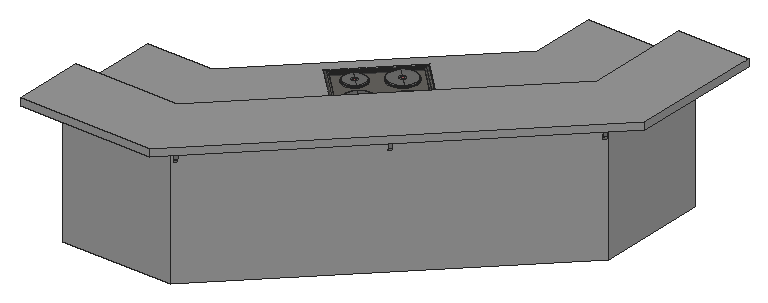
Revit family "Kitchen Island with Range", category Generic Models, Revit 2013
Parameters
  Wall Material = Gypsum Wall Board
  Countertop Material [instance] = Travertine
  Brace Material = Wood
Reference planes
  plane 1 "Center (Front/Back)": y = 0
  plane 2: z = 0
  plane 3 "Center (Left/Right)": x = 0
Forms (mm)
  Extrusion 1, solid, material "Travertine" <- "Countertop Material"
    sketch origin (0, 0, 0) x (1, 0, 0) y (0, 1, 0)
      loop
        line (1261.022, 1743.622) -> (1261.022, 1296.943) -> (-10.521, 25.4) -> (-457.2, 25.4) -> (-457.2, -609.6) -> (252.505, -609.6) -> (1896.022, 1033.917) -> (1896.022, 1743.622) -> (1261.022, 1743.622)
      loop
        line (468.503, 397.19) -> (822.056, 43.637) -> (1242.785, 464.365) -> (889.232, 817.919) -> (468.503, 397.19)
    from 914.4 to 876.3
  Extrusion 2, solid
    sketch origin (0, 0, 0) x (1, 0, 0) y (0, 1, 0)
      loop
        line (1896.022, 1033.917) -> (1896.022, 1743.622) -> (1876.972, 1743.622) -> (1876.972, 1041.808) -> (244.614, -590.55) -> (-457.2, -590.55) -> (-457.2, -609.6) -> (252.505, -609.6) -> (1896.022, 1033.917)
    from 914.4 to 1016
  Extrusion 3, solid, material "Gypsum Wall Board" <- "Wall Material"
    sketch origin (0, 0, 0) x (1, 0, 0) y (0, 1, 0)
      loop
        line (1896.022, 1033.917) -> (252.505, -609.6) -> (-457.2, -609.6) -> (-457.2, -723.9) -> (299.849, -723.9) -> (2010.322, 986.572) -> (2010.322, 1743.622) -> (1896.022, 1743.622) -> (1896.022, 1033.917)
    from 0 to 1016
  Extrusion 4, solid, material "Travertine" <- "Countertop Material"
    sketch origin (0, 0, 0) x (1, 0, 0) y (0, 1, 0)
      loop
        line (1896.022, 1743.622) -> (1896.022, 1033.917) -> (252.505, -609.6) -> (-457.2, -609.6) -> (-457.2, -1098.55) -> (455.034, -1098.55) -> (2384.972, 831.387) -> (2384.972, 1743.622) -> (1896.022, 1743.622)
    from 1016 to 1066.8
  Extrusion 5, solid, material "Wood" <- "Brace Material"
    sketch origin (-457.2, -609.6, 0) x (0, -1, 0) y (0, 0, 1)
      loop
        line (298.45, 1016) -> (114.3, 831.85) -> (114.3, 768.35)
        arc (114.3, 768.35) -> (127.77, 773.93) -> (133.35, 787.4) r 19.05
        line (133.35, 787.4) -> (133.35, 800.1) -> (146.05, 800.1)
        arc (146.05, 800.1) -> (220.427, 906.197) -> (323.85, 984.25) r 415.812
        line (323.85, 984.25) -> (323.85, 996.95) -> (342.9, 996.95)
        arc (342.9, 996.95) -> (356.37, 1002.53) -> (361.95, 1016) r 19.05
        line (361.95, 1016) -> (298.45, 1016)
    from -19.05 to 0
  Extrusion 6, solid, material "Wood" <- "Brace Material"
    sketch origin (242.467, -619.638, 0) x (0.707107, -0.707107, 0) y (0, 0, -1)
      loop
        line (298.45, -1016) -> (361.95, -1016)
        arc (361.95, -1016) -> (356.37, -1002.53) -> (342.9, -996.95) r 19.05
        line (342.9, -996.95) -> (323.85, -996.95) -> (323.85, -984.25)
        arc (323.85, -984.25) -> (220.427, -906.197) -> (146.05, -800.1) r 415.812
        line (146.05, -800.1) -> (133.35, -800.1) -> (133.35, -787.4)
        arc (133.35, -787.4) -> (127.77, -773.93) -> (114.3, -768.35) r 19.05
        line (114.3, -768.35) -> (114.3, -831.85) -> (298.45, -1016)
    from -19.05 to 0
  Extrusion 7, solid, material "Wood" <- "Brace Material"
    sketch origin (1080.998, 218.894, 0) x (0.707107, -0.707107, 0) y (0, 0, -1)
      loop
        line (298.45, -1016) -> (361.95, -1016)
        arc (361.95, -1016) -> (356.37, -1002.53) -> (342.9, -996.95) r 19.05
        line (342.9, -996.95) -> (323.85, -996.95) -> (323.85, -984.25)
        arc (323.85, -984.25) -> (220.427, -906.197) -> (146.05, -800.1) r 415.812
        line (146.05, -800.1) -> (133.35, -800.1) -> (133.35, -787.4)
        arc (133.35, -787.4) -> (127.77, -773.93) -> (114.3, -768.35) r 19.05
        line (114.3, -768.35) -> (114.3, -831.85) -> (298.45, -1016)
    from -19.05 to 0
  Extrusion 8, solid, material "Wood" <- "Brace Material"
    sketch origin (1896.022, 1743.622, 0) x (1, 0, 0) y (0, 0, -1)
      loop
        line (298.45, -1016) -> (361.95, -1016)
        arc (361.95, -1016) -> (356.37, -1002.53) -> (342.9, -996.95) r 19.05
        line (342.9, -996.95) -> (323.85, -996.95) -> (323.85, -984.25)
        arc (323.85, -984.25) -> (220.427, -906.197) -> (146.05, -800.1) r 415.812
        line (146.05, -800.1) -> (133.35, -800.1) -> (133.35, -787.4)
        arc (133.35, -787.4) -> (127.77, -773.93) -> (114.3, -768.35) r 19.05
        line (114.3, -768.35) -> (114.3, -831.85) -> (298.45, -1016)
    from -19.05 to 0
  Extrusion 9, solid, material "Wood" <- "Brace Material"
    sketch origin (1906.059, 1043.955, 0) x (0.707107, -0.707107, 0) y (0, 0, 1)
      loop
        line (298.45, 1016) -> (114.3, 831.85) -> (114.3, 768.35)
        arc (114.3, 768.35) -> (127.77, 773.93) -> (133.35, 787.4) r 19.05
        line (133.35, 787.4) -> (133.35, 800.1) -> (146.05, 800.1)
        arc (146.05, 800.1) -> (220.427, 906.197) -> (323.85, 984.25) r 415.812
        line (323.85, 984.25) -> (323.85, 996.95) -> (342.9, 996.95)
        arc (342.9, 996.95) -> (356.37, 1002.53) -> (361.95, 1016) r 19.05
        line (361.95, 1016) -> (298.45, 1016)
    from -19.05 to 0
Dimensions and locks
  aligned and locked: plane 2 to level
  aligned and locked: nested 1 to Extrusion 1
Nested families
  nested 1: "Base Cabinet-Single Door & Drawer - Extended Kickplate" at (1896.022, 1533.759, 0) x (0, -1, 0) z (0, 0, 1), type "18""
  nested 2: "Base Cabinet-Single Door & Drawer - Extended Kickplate" at (-247.338, -609.6, 0), type "18""
  nested 3: "Base Cabinet-Single Door & Drawer - Extended Left Kickplate" at (1515.197, 653.093, 0) x (-0.7071, -0.7071, 0) z (0, 0, 1), type "24""
  nested 4: "Base Cabinet-Single Door & Drawer - Extended Left Kickplate" at (633.329, -228.776, 0) x (0.7071, 0.7071, 0) z (0, 0, 1), type "24""
  nested 5: "Defy_600_Hob_and_under_counter_oven_4656" at (1074.042, 238.878, 0) x (-0.7071, -0.7071, 0) z (0, 0, 1), type "Defy 600 S"
    with Top Height 2' - 11.43307"
Definition of nested family "Base Cabinet-Single Door & Drawer - Extended Kickplate"
  Parameters (values of type "18"")
    Assembly Code = "C1030410"
    Cabinet Material = none
    Depth = 2' - 0"
    Drawer Material = none
    Handle Material = Cabinets - Handles
    Height = 2' - 10 1/2"
    Toe Depth = 0' - 3"
    Toe Height = 0' - 3 1/2"
    Width = 1' - 6"
  Types (5): name | Width
    24" | 2' - 0"
    18" | 1' - 6"
    12" | 1' - 0"
    15"' | 1' - 3"
    21" | 1' - 9"
  Reference planes
    plane 1 "Back": y = 0
    plane 2: z = 0
    plane 3 "Center": x = 18.738
    plane 4 "Left": x = -209.862
    plane 5 "Right": x = 247.338
    plane 6 "Front": y = -609.6
    plane 7 "Top": z = 876.3
    plane 8: y = -533.4
    plane 9: z = 88.9
    plane 10: z = 857.25
    plane 11: z = 107.95
    plane 12: x = -190.812
    plane 13: x = 228.288
    plane 14: z = 698.5
    plane 15: z = 596.9
    plane 16: x = 202.888
    plane 17: x = 190.188
    plane 18: z = 755.65
    plane 19: z = 736.6
  Forms (mm)
    Extrusion 1, solid, material <- "Cabinet Material"
      sketch origin (0, 0, 0) x (1, 0, 0) y (0, 1, 0)
        loop
          line (-209.862, 0) -> (-209.862, -533.4) -> (348.938, -533.4) -> (348.938, -508) -> (247.338, -508) -> (247.338, 0) -> (-209.862, 0)
      from 0 to 88.9
    Sweep 2, solid, material <- "Cabinet Material"
      path origin (0, 0, 0) x (1, 0, 0) y (0, 1, 0)
        loop
          line (247.338, 0) -> (-209.862, 0) -> (-209.862, -609.6) -> (247.338, -609.6) -> (247.338, 0)
      profile origin (0, -304.8, 0) x (1, 0, 0) y (0, 0, 1)
        loop
          line (247.338, 88.9) -> (247.338, 876.3) -> (228.288, 876.3) -> (228.288, 88.9) -> (247.338, 88.9)
    Extrusion 3, solid, material "Cabinets"
      sketch origin (0, 0, 0) x (1, 0, 0) y (0, 1, 0)
        loop
          line (-190.812, -19.05) -> (-190.812, -590.55) -> (228.288, -590.55) -> (228.288, -19.05) -> (-190.812, -19.05)
      from 107.95 to 88.9
    Extrusion 4, solid, material <- "Drawer Material"
      sketch origin (0, -609.6, 0) x (1, 0, 0) y (0, 0, 1)
        loop
          line (-190.812, 736.6) -> (-190.812, 107.95) -> (228.288, 107.95) -> (228.288, 736.6) -> (-190.812, 736.6)
        loop
          line (-190.812, 857.25) -> (-190.812, 755.65) -> (228.288, 755.65) -> (228.288, 857.25) -> (-190.812, 857.25)
      from 0 to 12.7
    Extrusion 5, solid, material "Cabinets - Handles" <- "Handle Material"
      sketch origin (0, -609.6, 0) x (1, 0, 0) y (0, 0, 1)
        loop
          line (190.188, 698.5) -> (190.188, 596.9) -> (202.888, 596.9) -> (202.888, 698.5) -> (190.188, 698.5)
        loop
          line (-32.062, 831.85) -> (-32.062, 819.15) -> (69.538, 819.15) -> (69.538, 831.85) -> (-32.062, 831.85)
      from 12.7 to 25.4
  Cuts and joins
    joined: Extrusion 1, Sweep 2
  Lines and regions (mm)
    Masking region 1
      outline origin (0, 0, 0) x (1, 0, 0) y (0, 1, 0)
        loop
          line (-209.862, 0) -> (-209.862, -609.6) -> (247.338, -609.6) -> (247.338, 0) -> (-209.862, 0)
    model lines, style "InvisibleLines"
      curve 1: line (-190.812, -609.6, 422.275) -> (-209.862, -609.6, 422.275)
    symbolic lines, style "Elevation Swing"
      curve 2: line (228.288, 0, 736.6) -> (-190.812, 0, 422.275)
      curve 3: line (228.288, 0, 107.95) -> (-190.812, 0, 422.275)
  Dimensions and locks
    "Depth": plane 6 "Front" to plane 1 "Back"
    "Width": plane 4 "Left" to plane 5 "Right"
    equal spacing: plane 4 "Left", plane 3 "Center", plane 5 "Right"
    "Height": level to plane 7 "Top"
    "Toe Height": plane 2 to plane 9
    "Toe Depth": plane 6 "Front" to plane 8
    locked: plane 4 "Left" to plane 12 at 19.05
    locked: plane 13 to plane 5 "Right" at 19.05
    locked: plane 7 "Top" to plane 10 at 19.05
    locked: plane 11 to plane 9 at 19.05
    locked: plane 14 to plane 15 at 101.6
    plane 17 to plane 16 to plane 13 = 0' - 0 1/2" locked, 0' - 1" locked
    locked: plane 10 to plane 18 at 101.6
    locked: plane 18 to plane 19 at 19.05
    locked: plane 19 to plane 14 at 38.1
    plane 10 to Extrusion 5 sketch curve to Extrusion 5 sketch curve = 0' - 1", 0' - 0 1/2"
    Extrusion 5 sketch curve to plane 3 "Center" to Extrusion 5 sketch curve = 0' - 2" locked, 0' - 2" locked
    equal spacing: plane 19, curve 1, plane 11
    aligned and locked: plane 1 "Back" to Extrusion 1 sketch curve
    aligned and locked: Extrusion 1 sketch curve to plane 5 "Right"
    aligned and locked: Extrusion 1 sketch curve to plane 8
    aligned and locked: plane 4 "Left" to Extrusion 1 sketch curve
    aligned and locked: Extrusion 1 to level
    aligned and locked: Sweep 2 sketch curve to plane 6 "Front"
    aligned and locked: plane 1 "Back" to Sweep 2 sketch curve
    aligned and locked: Sweep 2 sketch curve to plane 5 "Right"  (x2)
    aligned and locked: plane 4 "Left" to Sweep 2 sketch curve
    aligned and locked: plane 7 "Top" to Sweep 2 sketch curve
    aligned and locked: Sweep 2 sketch curve to plane 9
    aligned and locked: Sweep 2 to Extrusion 3 sketch curve  (x2)
    aligned and locked: Extrusion 3 sketch curve to Sweep 2  (x2)
    aligned and locked: plane 11 to Extrusion 3
    aligned and locked: plane 9 to Extrusion 3
    aligned and locked: Extrusion 1 to plane 9
    aligned and locked: plane 19 to Extrusion 4 sketch curve
    aligned and locked: plane 18 to Extrusion 4 sketch curve
    aligned and locked: plane 13 to Extrusion 4 sketch curve
    aligned and locked: plane 1 "Back" to Masking region 1 sketch curve
    aligned and locked: Masking region 1 sketch curve to plane 5 "Right"
    aligned and locked: plane 4 "Left" to Masking region 1 sketch curve
    aligned and locked: Masking region 1 sketch curve to plane 6 "Front"
  Automatic sketch dimensions
    profile plane to Sweep 2 sketch curve = 0' - 0 3/4"
    Extrusion 4 sketch curve to plane 12 = 0' - 0"  (x2)
    Extrusion 4 sketch curve to plane 11 = 0' - 0"
    Extrusion 4 sketch curve to plane 13 = 0' - 0"
    Extrusion 5 sketch curve to plane 14 = 0' - 0"
    Extrusion 5 sketch curve to plane 17 = 0' - 0"
    Extrusion 5 sketch curve to plane 15 = 0' - 0"
    Extrusion 5 sketch curve to plane 16 = 0' - 0"
    Extrusion 4 sketch curve to plane 10 = 0' - 0"
    curve 2 to plane 13 = 0' - 0"
    curve 3 to plane 11 = 0' - 0"
    curve 3 to plane 13 = 0' - 0"
    curve 2 to plane 12 = 0' - 0"
    curve 1 to plane 12 = 0' - 0"
    curve 1 to plane 4 "Left" = 0' - 0"
    curve 2 to plane 19 = 0' - 0"
    curve 2 to curve 1 = 0' - 0"
    Extrusion 1 sketch curve to plane 8 = 0' - 1"
    Extrusion 1 sketch curve to Extrusion 1 sketch curve = 0' - 4"
Definition of nested family "Base Cabinet-Single Door & Drawer - Extended Left Kickplate"
  Parameters (values of type "18"")
    Assembly Code = "C1030410"
    Cabinet Material = none
    Depth = 2' - 0"
    Drawer Material = none
    Handle Material = Cabinets - Handles
    Height = 2' - 10 1/2"
    Toe Depth = 0' - 3"
    Toe Height = 0' - 3 1/2"
    Width = 1' - 6"
  Types (5): name | Width
    24" | 2' - 0"
    18" | 1' - 6"
    12" | 1' - 0"
    15"' | 1' - 3"
    21" | 1' - 9"
  Reference planes
    plane 1 "Back": y = 0
    plane 2: z = 0
    plane 3 "Center": x = 18.738
    plane 4 "Left": x = -209.862
    plane 5 "Right": x = 247.338
    plane 6 "Front": y = -609.6
    plane 7 "Top": z = 876.3
    plane 8: y = -533.4
    plane 9: z = 88.9
    plane 10: z = 857.25
    plane 11: z = 107.95
    plane 12: x = -190.812
    plane 13: x = 228.288
    plane 14: z = 698.5
    plane 15: z = 596.9
    plane 16: x = 202.888
    plane 17: x = 190.188
    plane 18: z = 755.65
    plane 19: z = 736.6
  Forms (mm)
    Extrusion 1, solid, material <- "Cabinet Material"
      sketch origin (0, 0, 0) x (1, 0, 0) y (0, 1, 0)
        loop
          line (-209.862, 0) -> (-209.862, -508) -> (-311.462, -508) -> (-311.462, -533.4) -> (247.338, -533.4) -> (247.338, 0) -> (-209.862, 0)
      from 0 to 88.9
    Sweep 2, solid, material <- "Cabinet Material"
      path origin (0, 0, 0) x (1, 0, 0) y (0, 1, 0)
        loop
          line (247.338, 0) -> (-209.862, 0) -> (-209.862, -609.6) -> (247.338, -609.6) -> (247.338, 0)
      profile origin (0, -304.8, 0) x (1, 0, 0) y (0, 0, 1)
        loop
          line (247.338, 88.9) -> (247.338, 876.3) -> (228.288, 876.3) -> (228.288, 88.9) -> (247.338, 88.9)
    Extrusion 3, solid, material "Cabinets"
      sketch origin (0, 0, 0) x (1, 0, 0) y (0, 1, 0)
        loop
          line (-190.812, -19.05) -> (-190.812, -590.55) -> (228.288, -590.55) -> (228.288, -19.05) -> (-190.812, -19.05)
      from 107.95 to 88.9
    Extrusion 4, solid, material <- "Drawer Material"
      sketch origin (0, -609.6, 0) x (1, 0, 0) y (0, 0, 1)
        loop
          line (-190.812, 736.6) -> (-190.812, 107.95) -> (228.288, 107.95) -> (228.288, 736.6) -> (-190.812, 736.6)
        loop
          line (-190.812, 857.25) -> (-190.812, 755.65) -> (228.288, 755.65) -> (228.288, 857.25) -> (-190.812, 857.25)
      from 0 to 12.7
    Extrusion 5, solid, material "Cabinets - Handles" <- "Handle Material"
      sketch origin (0, -609.6, 0) x (1, 0, 0) y (0, 0, 1)
        loop
          line (190.188, 698.5) -> (190.188, 596.9) -> (202.888, 596.9) -> (202.888, 698.5) -> (190.188, 698.5)
        loop
          line (-32.062, 831.85) -> (-32.062, 819.15) -> (69.538, 819.15) -> (69.538, 831.85) -> (-32.062, 831.85)
      from 12.7 to 25.4
  Cuts and joins
    joined: Extrusion 1, Sweep 2
  Lines and regions (mm)
    Masking region 1
      outline origin (0, 0, 0) x (1, 0, 0) y (0, 1, 0)
        loop
          line (-209.862, 0) -> (-209.862, -609.6) -> (247.338, -609.6) -> (247.338, 0) -> (-209.862, 0)
    model lines, style "InvisibleLines"
      curve 1: line (-190.812, -609.6, 422.275) -> (-209.862, -609.6, 422.275)
    symbolic lines, style "Elevation Swing"
      curve 2: line (228.288, 0, 736.6) -> (-190.812, 0, 422.275)
      curve 3: line (228.288, 0, 107.95) -> (-190.812, 0, 422.275)
  Dimensions and locks
    "Depth": plane 6 "Front" to plane 1 "Back"
    "Width": plane 4 "Left" to plane 5 "Right"
    equal spacing: plane 4 "Left", plane 3 "Center", plane 5 "Right"
    "Height": level to plane 7 "Top"
    "Toe Height": plane 2 to plane 9
    "Toe Depth": plane 6 "Front" to plane 8
    locked: plane 4 "Left" to plane 12 at 19.05
    locked: plane 13 to plane 5 "Right" at 19.05
    locked: plane 7 "Top" to plane 10 at 19.05
    locked: plane 11 to plane 9 at 19.05
    locked: plane 14 to plane 15 at 101.6
    plane 17 to plane 16 to plane 13 = 0' - 0 1/2" locked, 0' - 1" locked
    locked: plane 10 to plane 18 at 101.6
    locked: plane 18 to plane 19 at 19.05
    locked: plane 19 to plane 14 at 38.1
    plane 10 to Extrusion 5 sketch curve to Extrusion 5 sketch curve = 0' - 1", 0' - 0 1/2"
    Extrusion 5 sketch curve to plane 3 "Center" to Extrusion 5 sketch curve = 0' - 2" locked, 0' - 2" locked
    equal spacing: plane 19, curve 1, plane 11
    aligned and locked: plane 1 "Back" to Extrusion 1 sketch curve
    aligned and locked: Extrusion 1 sketch curve to plane 5 "Right"
    aligned and locked: Extrusion 1 sketch curve to plane 8
    aligned and locked: plane 4 "Left" to Extrusion 1 sketch curve
    aligned and locked: Extrusion 1 to level
    aligned and locked: Sweep 2 sketch curve to plane 6 "Front"
    aligned and locked: plane 1 "Back" to Sweep 2 sketch curve
    aligned and locked: Sweep 2 sketch curve to plane 5 "Right"  (x2)
    aligned and locked: plane 4 "Left" to Sweep 2 sketch curve
    aligned and locked: plane 7 "Top" to Sweep 2 sketch curve
    aligned and locked: Sweep 2 sketch curve to plane 9
    aligned and locked: Sweep 2 to Extrusion 3 sketch curve  (x2)
    aligned and locked: Extrusion 3 sketch curve to Sweep 2  (x2)
    aligned and locked: plane 11 to Extrusion 3
    aligned and locked: plane 9 to Extrusion 3
    aligned and locked: Extrusion 1 to plane 9
    aligned and locked: plane 19 to Extrusion 4 sketch curve
    aligned and locked: plane 18 to Extrusion 4 sketch curve
    aligned and locked: plane 13 to Extrusion 4 sketch curve
    aligned and locked: plane 1 "Back" to Masking region 1 sketch curve
    aligned and locked: Masking region 1 sketch curve to plane 5 "Right"
    aligned and locked: plane 4 "Left" to Masking region 1 sketch curve
    aligned and locked: Masking region 1 sketch curve to plane 6 "Front"
  Automatic sketch dimensions
    profile plane to Sweep 2 sketch curve = 0' - 0 3/4"
    Extrusion 4 sketch curve to plane 12 = 0' - 0"  (x2)
    Extrusion 4 sketch curve to plane 11 = 0' - 0"
    Extrusion 4 sketch curve to plane 13 = 0' - 0"
    Extrusion 5 sketch curve to plane 14 = 0' - 0"
    Extrusion 5 sketch curve to plane 17 = 0' - 0"
    Extrusion 5 sketch curve to plane 15 = 0' - 0"
    Extrusion 5 sketch curve to plane 16 = 0' - 0"
    Extrusion 4 sketch curve to plane 10 = 0' - 0"
    curve 2 to plane 13 = 0' - 0"
    curve 3 to plane 11 = 0' - 0"
    curve 3 to plane 13 = 0' - 0"
    curve 2 to plane 12 = 0' - 0"
    curve 1 to plane 12 = 0' - 0"
    curve 1 to plane 4 "Left" = 0' - 0"
    curve 2 to plane 19 = 0' - 0"
    curve 2 to curve 1 = 0' - 0"
    Extrusion 1 sketch curve to plane 8 = 0' - 1"
    Extrusion 1 sketch curve to plane 4 "Left" = 0' - 4"
Definition of nested family "Defy_600_Hob_and_under_counter_oven_4656"
  Parameters (values of type "Defy 600 S")
    Top Height [instance] = 2' - 11.43307"
    Model = "Defy 600 Series"
    Frame = Black Plastic
    Cabinet Material = Melamine Beige
    Depth = 1' - 10.83465"
    Height = 2' - 10.25197"
    Opening Height = 1' - 11.62205"
    Plinth Depth = 0' - 1.5748"
    Plinth Height = 0' - 5.51181"
    Stile Width = 0' - 1.37795"
    Type Comments = "594mm x 594mm Built-in"
    Width = 1' - 11.62205"
    Assembly Code = ""
  Reference planes
    plane 1 "Back": y = 0
    plane 2: z = 0
    plane 3 "Center": x = 18.738
    plane 4 "Left": x = -281.262
    plane 5 "Right": x = 318.738
    plane 6 "Front": y = -580
    plane 7 "Top": z = 870
    plane 8: y = -540
    plane 9: z = 140
    plane 10: z = 831.9
    plane 11: z = 159.05
    plane 12: x = -246.262
    plane 13: x = 283.738
    plane 14: z = 231.9
    plane 15: z = 2074
    plane 16: z = 627.11
    plane 17: y = -592.5
    plane 18: z = 900
    plane 19: z = 701.42
    plane 20: x = -213.762
    plane 21: z = 701.42
    plane 22: z = 701.42
    plane 23: z = 701.42
    plane 24: z = 701.42
    plane 25: z = 701.42
    plane 26: y = -290.124
    plane 27: x = 18.738
    plane 28: x = 151.238
  Forms (mm)
    Extrusion 1, solid, material "Melamine Beige" <- "Cabinet Material"
      sketch origin (0, 0, 0) x (1, 0, 0) y (0, 1, 0)
        loop
          line (-281.262, 0) -> (-281.262, -540) -> (318.738, -540) -> (318.738, 0) -> (-281.262, 0)
      from 0 to 140
    Sweep 2, solid, material "Melamine Beige" <- "Cabinet Material"
      path origin (0, 0, 0) x (1, 0, 0) y (0, 1, 0)
        loop
          line (318.738, 0) -> (-281.262, 0) -> (-281.262, -580) -> (318.738, -580) -> (318.738, 0)
      profile origin (0, -290, 0) x (1, 0, 0) y (0, 0, 1)
        loop
          line (318.738, 140) -> (318.738, 870) -> (299.688, 870) -> (299.688, 140) -> (318.738, 140)
    Extrusion 3, solid, material "Melamine Beige" <- "Cabinet Material"
      sketch origin (0, 0, 0) x (1, 0, 0) y (0, 1, 0)
        loop
          line (-262.212, -19.05) -> (-262.212, -560.95) -> (299.688, -560.95) -> (299.688, -19.05) -> (-262.212, -19.05)
      from 159.05 to 140
    Extrusion 4, solid, material "Black Plastic" <- "Frame"
      sketch origin (318.738, -580, 870) x (-1, 0, 0) y (0, 0, -1)
        loop
          line (597.5, 230.95) -> (597.5, 710.95) -> (2.5, 710.95) -> (2.5, 230.95) -> (597.5, 230.95)
        loop
          line (482.5, 340.95) -> (482.5, 600.95) -> (117.5, 600.95) -> (117.5, 340.95) -> (482.5, 340.95)
      from 0 to 25
    Sweep 5, void
      path origin (318.738, -580, 870) x (-1, 0, 0) y (0, 0, -1)
        loop
          line (597.5, 230.95) -> (597.5, 710.95) -> (2.5, 710.95) -> (2.5, 230.95) -> (597.5, 230.95)
      profile origin (18.738, -580, 639.05) x (0, 0, 1) y (0, -1, 0)
        loop
          line (0, 12.5) -> (0, 25) -> (-11.94, 25)
          arc (-11.94, 25) -> (-3.465, 21.143) -> (0, 12.5) r 12.513
    Sweep 6, solid, material "Black Plastic"
      path origin (-266.822, -4572, 627.11) x (-1, 0, 0) y (0, -1, 0)
        loop
          arc (0, -3967) -> (-285.56, -3938.255) -> (-571.12, -3967) r 1432.782
      profile origin (18.738, -633.745, 627.11) x (0, 1, 0) y (0, 0, 1)
        loop
          line (28.745, 0) -> (10, 0)
          arc (10, 0) -> (2.929, -2.929) -> (0, -10) r 10
          line (0, -10) -> (0, -15)
          arc (0, -15) -> (2.929, -22.071) -> (10, -25) r 10
          line (10, -25) -> (28.745, -25) -> (28.745, 0)
    Extrusion 7, void
      sketch origin (18.738, 799.036, 627.11) x (0.979938, -0.199304, 0) y (-0.199304, -0.979938, 0)
        loop
          line (98.501, 1399.992) -> (456.178, 1327.246)
          arc (456.178, 1327.246) -> (282.508, 1389.03) -> (98.501, 1399.992) r 655.158
      from -5.258 to 33.65
    Extrusion 8, solid, material "Glass"
      sketch origin (-163.762, -592.5, 1219.2) x (-1, 0, 0) y (0, 0, 1)
        loop
          line (0, -690.15) -> (-353.882, -690.15) -> (-353.882, -950.15) -> (0, -950.15) -> (0, -690.15)
      from 0 to 10
    Sweep 9, void
      path origin (318.738, -605, 870) x (-1, 0, 0) y (0, 0, -1)
        loop
          line (482.5, 340.95) -> (482.5, 600.95) -> (117.5, 600.95) -> (117.5, 340.95) -> (482.5, 340.95)
      profile origin (18.738, -605, 529.05) x (0, 0, 1) y (0, -1, 0)
        loop
          arc (0, -12.5) -> (3.661, -3.661) -> (12.5, 0) r 12.5
          line (12.5, 0) -> (0, 0) -> (0, -12.5)
    Extrusion 10, solid, material "Black Plastic"
      sketch origin (18.738, 0, 0) x (0, 1, 0) y (0, 0, 1)
        loop
          line (-586.25, 649.05) -> (-586.25, 639.05) -> (-580, 639.05) -> (-580, 764.265) -> (-590, 764.265)
          arc (-590, 764.265) -> (-593.983, 760.26) -> (-595.692, 754.877) r 11.999
          line (-595.692, 754.877) -> (-602.319, 660.108)
          arc (-602.319, 660.108) -> (-599.894, 652.373) -> (-592.5, 649.05) r 9.888
          line (-592.5, 649.05) -> (-586.25, 649.05)
      from -297.5 to 297.5
    Extrusion 11, solid, material "Melamine Beige" <- "Cabinet Material"
      sketch origin (299.688, -560.95, 870) x (-1, 0, 0) y (0, -1, 0)
        loop
          line (561.9, -541.9) -> (561.9, 0) -> (0, 0) -> (0, -541.9) -> (561.9, -541.9)
      from 0 to -16
    Revolve 12, solid, material "Black Plastic Knob"
      sketch origin (-213.762, -4571.375, 809.798) x (0, 0, 1) y (0, -1, 0)
        loop
          line (-108.378, -3971.705) -> (-86.431, -3973.24) -> (-86.288, -3971.195)
          arc (-86.288, -3971.195) -> (-87.005, -3969.054) -> (-89.026, -3968.046) r 2.95
          line (-89.026, -3968.046) -> (-108.029, -3966.717) -> (-108.378, -3971.705)
        axis (-108.378, -3971.705) -> (-108.029, -3966.717)
      angle from 0 to 360
    Extrusion 13, solid, material "Black Plastic Knob"
      sketch origin (-213.762, -4544.499, 808.199) x (0, 0, 1) y (0, -1, 0)
        loop
          arc (-84.439, -3944.087) -> (-105.71, -3935.415) -> (-127.981, -3941.042) r 36.811
          line (-127.981, -3941.042) -> (-84.439, -3944.087)
      from -2.852 to 2.527
    Revolve 14, solid, material "Black Plastic Knob"
      sketch origin (-148.762, -4571.375, 809.798) x (0, 0, 1) y (0, -1, 0)
        loop
          line (-108.378, -3971.705) -> (-86.431, -3973.24) -> (-86.288, -3971.195)
          arc (-86.288, -3971.195) -> (-87.005, -3969.054) -> (-89.026, -3968.046) r 2.95
          line (-89.026, -3968.046) -> (-108.029, -3966.717) -> (-108.378, -3971.705)
        axis (-108.378, -3971.705) -> (-108.029, -3966.717)
      angle from 0 to 360
    Extrusion 15, solid, material "Black Plastic Knob"
      sketch origin (-148.762, -4544.499, 808.199) x (0, 0, 1) y (0, -1, 0)
        loop
          arc (-84.439, -3944.087) -> (-105.71, -3935.415) -> (-127.981, -3941.042) r 36.811
          line (-127.981, -3941.042) -> (-84.439, -3944.087)
      from -2.852 to 2.527
    Revolve 16, solid, material "Black Plastic Knob"
      sketch origin (-58.762, -4571.375, 809.798) x (0, 0, 1) y (0, -1, 0)
        loop
          line (-108.378, -3971.705) -> (-86.431, -3973.24) -> (-86.288, -3971.195)
          arc (-86.288, -3971.195) -> (-87.005, -3969.054) -> (-89.026, -3968.046) r 2.95
          line (-89.026, -3968.046) -> (-108.029, -3966.717) -> (-108.378, -3971.705)
        axis (-108.378, -3971.705) -> (-108.029, -3966.717)
      angle from 0 to 360
    Extrusion 17, solid, material "Black Plastic Knob"
      sketch origin (-58.762, -4544.499, 808.199) x (0, 0, 1) y (0, -1, 0)
        loop
          arc (-84.439, -3944.087) -> (-105.71, -3935.415) -> (-127.981, -3941.042) r 36.811
          line (-127.981, -3941.042) -> (-84.439, -3944.087)
      from -2.852 to 2.527
    Revolve 18, solid, material "Black Plastic Knob"
      sketch origin (251.238, -4571.375, 809.798) x (0, 0, 1) y (0, 1, 0)
        loop
          line (-108.378, 3971.705) -> (-108.029, 3966.717) -> (-89.026, 3968.046)
          arc (-89.026, 3968.046) -> (-87.005, 3969.054) -> (-86.288, 3971.195) r 2.95
          line (-86.288, 3971.195) -> (-86.431, 3973.24) -> (-108.378, 3971.705)
        axis (-108.378, 3971.705) -> (-108.029, 3966.717)
      angle from 0 to 360
    Extrusion 19, solid, material "Black Plastic Knob"
      sketch origin (251.238, -4544.499, 808.199) x (0, 0, 1) y (0, 1, 0)
        loop
          line (-84.439, 3944.087) -> (-127.981, 3941.042)
          arc (-127.981, 3941.042) -> (-105.71, 3935.415) -> (-84.439, 3944.087) r 36.811
      from -2.852 to 2.527
    Revolve 20, solid, material "Black Plastic Knob"
      sketch origin (186.238, -4571.375, 809.798) x (0, 0, 1) y (0, 1, 0)
        loop
          line (-108.378, 3971.705) -> (-108.029, 3966.717) -> (-89.026, 3968.046)
          arc (-89.026, 3968.046) -> (-87.005, 3969.054) -> (-86.288, 3971.195) r 2.95
          line (-86.288, 3971.195) -> (-86.431, 3973.24) -> (-108.378, 3971.705)
        axis (-108.378, 3971.705) -> (-108.029, 3966.717)
      angle from 0 to 360
    Extrusion 21, solid, material "Black Plastic Knob"
      sketch origin (186.238, -4544.499, 808.199) x (0, 0, 1) y (0, 1, 0)
        loop
          line (-84.439, 3944.087) -> (-127.981, 3941.042)
          arc (-127.981, 3941.042) -> (-105.71, 3935.415) -> (-84.439, 3944.087) r 36.811
      from -2.852 to 2.527
    Revolve 22, solid, material "Black Plastic Knob"
      sketch origin (96.238, -4571.375, 809.798) x (0, 0, 1) y (0, 1, 0)
        loop
          line (-108.378, 3971.705) -> (-108.029, 3966.717) -> (-89.026, 3968.046)
          arc (-89.026, 3968.046) -> (-87.005, 3969.054) -> (-86.288, 3971.195) r 2.95
          line (-86.288, 3971.195) -> (-86.431, 3973.24) -> (-108.378, 3971.705)
        axis (-108.378, 3971.705) -> (-108.029, 3966.717)
      angle from 0 to 360
    Extrusion 23, solid, material "Black Plastic Knob"
      sketch origin (96.238, -4544.499, 808.199) x (0, 0, 1) y (0, 1, 0)
        loop
          line (-84.439, 3944.087) -> (-127.981, 3941.042)
          arc (-127.981, 3941.042) -> (-105.71, 3935.415) -> (-84.439, 3944.087) r 36.811
      from -2.852 to 2.527
    Extrusion 24, solid, material "Lights"
      sketch origin (18.738, -602.319, 660.108) x (0, 0.069756, 0.997564) y (-1, 0, 0)
        loop
          circle (85.517, 232.5) r 5
      from 0 to 3
    Extrusion 25, solid, material "Lights"
      sketch origin (83.738, -602.319, 660.108) x (0, 0.069756, 0.997564) y (-1, 0, 0)
        loop
          circle (85.517, 232.5) r 5
      from 0 to 3
    Extrusion 26, solid, material "Lights"
      sketch origin (18.738, -602.319, 660.108) x (0, 0.069756, 0.997564) y (-1, 0, 0)
        loop
          circle (85.517, -232.5) r 5
      from 0 to 3
    Extrusion 27, solid, material "Lights"
      sketch origin (-46.262, -602.319, 660.108) x (0, 0.069756, 0.997564) y (-1, 0, 0)
        loop
          circle (85.517, -232.5) r 5
      from 0 to 3
    Extrusion 28, solid, material "Lights"
      sketch origin (-136.262, -602.319, 660.108) x (0, 0.069756, 0.997564) y (-1, 0, 0)
        loop
          circle (85.517, -232.5) r 5
      from 0 to 3
    Sweep 29, solid, material "Black Plastic"
      path origin (-879.17, -4572, 900) x (-1, 0, 0) y (0, -1, 0)
        loop
          line (-600.408, -4531.876) -> (-600.408, -4031.876) -> (-1195.408, -4031.876) -> (-1195.408, -4531.876) -> (-600.408, -4531.876)
      profile origin (18.738, -40.124, 900) x (0, 1, 0) y (0, 0, 1)
        loop
          line (0, 0) -> (0, 5)
          arc (0, 5) -> (-1.464, 8.536) -> (-5, 10) r 5
          line (-5, 10) -> (-21.15, 10)
          arc (-21.15, 10) -> (-26.89, 8.858) -> (-31.756, 5.607) r 15
          line (-31.756, 5.607) -> (-35, 2.363) -> (-247.583, 2.363) -> (-247.583, 0) -> (0, 0)
    Extrusion 30, solid, material "Black Plastic"
      sketch origin (-31.179, -287.707, 902.363) x (1, 0, 0) y (0, 1, 0)
        loop
          line (0, 0) -> (0, -4.834) -> (99.834, -4.834) -> (99.834, 0) -> (0, 0)
      from 0 to -2.4
    Revolve 31, solid, material "Stove Plate"
      sketch origin (151.238, 139.239, 1219.2) x (0, 1, 0) y (0, 0, 1)
        loop
          line (-219.748, -316.837) -> (-219.748, -309.337) -> (-224.748, -309.337) -> (-224.748, -304.837)
          arc (-224.748, -304.837) -> (-225.627, -302.716) -> (-227.748, -301.837) r 3
          line (-227.748, -301.837) -> (-299.248, -301.837) -> (-302.248, -304.837) -> (-322.248, -304.837) -> (-322.248, -316.837) -> (-219.748, -316.837)
        axis (-322.248, -301.837) -> (-322.248, -316.837)
      angle from 0 to 360
    Revolve 32, solid, material "Stove Plate"
      sketch origin (-113.762, 129.239, 1219.2) x (0, 1, 0) y (0, 0, -1)
        loop
          line (-219.748, 316.837) -> (-301.748, 316.837) -> (-301.748, 304.837) -> (-282.248, 304.837) -> (-279.248, 301.837) -> (-227.748, 301.837)
          arc (-227.748, 301.837) -> (-225.627, 302.716) -> (-224.748, 304.837) r 3
          line (-224.748, 304.837) -> (-224.748, 309.337) -> (-219.748, 309.337) -> (-219.748, 316.837)
        axis (-301.748, 301.837) -> (-301.748, 316.837)
      angle from 0 to 360
    Revolve 33, solid, material "Stove Plate"
      sketch origin (-113.762, -719.487, 1219.2) x (0, -1, 0) y (0, 0, 1)
        loop
          line (-219.748, -316.837) -> (-219.748, -309.337) -> (-224.748, -309.337) -> (-224.748, -304.837)
          arc (-224.748, -304.837) -> (-225.627, -302.716) -> (-227.748, -301.837) r 3
          line (-227.748, -301.837) -> (-299.248, -301.837) -> (-302.248, -304.837) -> (-322.248, -304.837) -> (-322.248, -316.837) -> (-219.748, -316.837)
        axis (-322.248, -301.837) -> (-322.248, -316.837)
      angle from 0 to 360
    Revolve 34, solid, material "Stove Plate"
      sketch origin (151.238, -709.487, 1219.2) x (0, -1, 0) y (0, 0, -1)
        loop
          line (-219.748, 316.837) -> (-301.748, 316.837) -> (-301.748, 304.837) -> (-282.248, 304.837) -> (-279.248, 301.837) -> (-227.748, 301.837)
          arc (-227.748, 301.837) -> (-225.627, 302.716) -> (-224.748, 304.837) r 3
          line (-224.748, 304.837) -> (-224.748, 309.337) -> (-219.748, 309.337) -> (-219.748, 316.837)
        axis (-301.748, 301.837) -> (-301.748, 316.837)
      angle from 0 to 360
    Extrusion 35, solid, material "Lights"
      sketch origin (-113.762, -397.239, 914.363) x (0, -1, 0) y (1, 0, 0)
        loop
          circle (0, 0) r 10
      from 0 to 1.5
    Extrusion 36, solid, material "Lights"
      sketch origin (151.238, -407.739, 914.363) x (-1, 0, 0) y (0, -1, 0)
        loop
          circle (0, 0) r 10
      from 0 to 1.5
  Cuts and joins
    Sweep 5, Extrusion 7, Sweep 9 cuts Extrusion 4
    Extrusion 7 cuts Sweep 6
    Sweep 9 cuts Extrusion 8
    joined: Revolve 12, Extrusion 13
    joined: Sweep 29, Extrusion 30
  Lines and regions (mm)
    symbolic lines, style "Plan Rep - Below"
      curve 1: line (318.738, -580, 0) -> (-281.262, -580, 0)
      curve 2: line (318.738, 0, 0) -> (318.738, -580, 0)
      curve 3: line (-281.262, 0, 0) -> (318.738, 0, 0)
      curve 4: line (-281.262, -580, 0) -> (-281.262, 0, 0)
    symbolic lines, style "Built-in Opening"
      curve 5: line (-246.262, -580, 0) -> (-246.262, -19.05, 0)
      curve 6: line (-246.262, -19.05, 0) -> (283.738, -19.05, 0)
      curve 7: line (283.738, -19.05, 0) -> (283.738, -580, 0)
    reference lines
      curve 8: line (-213.762, -601.205, 679.474) -> (-213.762, -598.135, 723.367)
      curve 9: line (-148.762, -601.205, 679.474) -> (-148.762, -598.135, 723.367)
      curve 10: line (-58.762, -601.205, 679.474) -> (-58.762, -598.135, 723.367)
      curve 11: line (251.238, -601.205, 679.474) -> (251.238, -598.135, 723.367)
      curve 12: line (186.238, -601.205, 679.474) -> (186.238, -598.135, 723.367)
      curve 13: line (96.238, -601.205, 679.474) -> (96.238, -598.135, 723.367)
  Dimensions and locks
    "Depth": plane 6 "Front" to plane 1 "Back"
    "Width": plane 4 "Left" to plane 5 "Right"
    equal spacing: plane 4 "Left", plane 3 "Center", plane 5 "Right"
    "Height": level to plane 7 "Top"
    "Plinth Height": plane 2 to plane 9
    "Plinth Depth": plane 6 "Front" to plane 8
    "Stile Width": plane 4 "Left" to plane 12
    "Stile Width": plane 13 to plane 5 "Right"
    plane 7 "Top" to plane 10 = 0' - 1 1/2"
    locked: plane 11 to plane 9 at 19.05
    "Opening Height": plane 10 to plane 14
    Extrusion 4 sketch curve to Extrusion 4 sketch curve to plane 5 "Right" = 0' - 4.52756" locked, 0' - 0.09843"
    locked: Extrusion 4 sketch curve to Extrusion 4 sketch curve at 115
    locked: Extrusion 4 sketch curve to Extrusion 4 sketch curve at 110  (x2)
    locked: Extrusion 4 sketch curve to Extrusion 4 sketch curve at 595
    locked: Extrusion 4 sketch curve to Extrusion 4 sketch curve at 480
    "Top Height": plane 18 to level
    Sweep 29 sketch curve to plane 27 to Sweep 29 sketch curve = 0' - 11.7126" locked, 0' - 11.7126" locked
    Sweep 29 sketch curve to plane 26 to Sweep 29 sketch curve = 0' - 9.84252" locked, 0' - 9.84252" locked
    Sweep 2 to Sweep 29 sketch curve = 0' - 1.57969"
    Sweep 2 to Extrusion 1 = 0' - 1.5748"
    Revolve 32 sketch curve to Revolve 32 sketch curve = 0' - 3.0315"
    Revolve 34 sketch curve to Revolve 34 sketch curve = 0' - 3.0315"
    aligned and locked: plane 1 "Back" to Extrusion 1 sketch curve
    aligned and locked: Extrusion 1 sketch curve to plane 5 "Right"
    aligned and locked: Extrusion 1 sketch curve to plane 8
    aligned and locked: plane 4 "Left" to Extrusion 1 sketch curve
    aligned and locked: Extrusion 1 to level
    aligned and locked: Sweep 2 sketch curve to plane 6 "Front"
    aligned and locked: plane 1 "Back" to Sweep 2 sketch curve
    aligned and locked: Sweep 2 sketch curve to plane 5 "Right"  (x2)
    aligned and locked: plane 4 "Left" to Sweep 2 sketch curve
    aligned and locked: plane 7 "Top" to Sweep 2 sketch curve
    aligned and locked: plane 9 to Sweep 2 sketch curve
    aligned and locked: Sweep 2 to Extrusion 3 sketch curve  (x2)
    aligned and locked: Extrusion 3 sketch curve to Sweep 2  (x2)
    aligned and locked: Extrusion 3 to plane 11
    aligned and locked: Extrusion 3 to plane 9
    aligned and locked: plane 9 to Extrusion 1
  Automatic sketch dimensions
    curve 1 to plane 4 "Left" = 0' - 0"
    curve 5 to plane 6 "Front" = 0' - 0"
    curve 5 to plane 12 = 0' - 0"
    curve 7 to plane 13 = 0' - 0"
    curve 2 to plane 5 "Right" = 0' - 0"
    curve 2 to plane 1 "Back" = 0' - 0"
    plane 1 "Back" to curve 6 = 0' - 0 3/4"
    profile plane to Sweep 2 sketch curve = 0' - 0 3/4"
    Extrusion 4 sketch curve to Sweep 2 = 0' - 9.09252"
    Sweep 2 to Sweep 5 sketch curve = 0' - 0.09843"
    Sweep 5 sketch curve to Sweep 2 = 0' - 0.09843"
    Sweep 5 sketch curve to Sweep 2 = 0' - 9.09252"
    Sweep 2 to Sweep 5 sketch curve = 0' - 0 3/4"
    Sweep 5 sketch curve to profile plane = 0' - 0"  (x2)
    profile plane to Sweep 5 sketch curve = 0' - 0.47009"
    profile plane to Sweep 5 sketch curve = 0' - 0.49264"
    profile plane to Sweep 5 sketch curve = 0' - 0.49213"
    Sweep 5 sketch curve to Sweep 5 sketch curve = 0' - 0"
    Sweep 6 sketch curve to plane 3 "Center" = 0' - 0"
    Sweep 6 sketch curve to plane 5 "Right" = 0' - 0.56851"
    plane 4 "Left" to Sweep 6 sketch curve = 0' - 0.56851"
    Sweep 6 sketch curve to plane 1 "Back" = 2' - 7.45813"
    Sweep 6 sketch curve to plane 17 = 0' - 0.49213"
    Sweep 6 sketch curve to profile plane = 0' - 0"
    Sweep 6 sketch curve to plane 16 = 0' - 0"
    Sweep 6 sketch curve to Sweep 6 sketch curve = 0' - 0.3937"
    Sweep 6 sketch curve to profile plane = 0' - 0.3937"
    Sweep 6 sketch curve to Sweep 6 sketch curve = 0' - 0.73799"
    Sweep 6 sketch curve to Sweep 6 sketch curve = 0' - 0.19685"
    Sweep 6 to Extrusion 7 sketch curve = 0' - 3.87799"
    Sweep 6 to Extrusion 7 sketch curve = 0' - 5.98157"
    Extrusion 7 sketch curve to Extrusion 7 sketch curve = 1' - 2.08178"
    Sweep 6 to Extrusion 7 sketch curve = 1' - 5.95977"
    Extrusion 7 sketch curve to Extrusion 7 sketch curve = 0' - 2.86402"
    plane 28 to Extrusion 8 sketch curve = 0' - 1.53078"
    plane 20 to Extrusion 8 sketch curve = 0' - 1.9685"
    Extrusion 8 sketch curve to plane 14 = 0' - 1.4626"
    Extrusion 8 sketch curve to plane 16 = 0' - 3.86062"
    Sweep 9 sketch curve to Extrusion 4 = 0' - 0"  (x4)
    Sweep 9 sketch curve to profile plane = 0' - 0"  (x2)
    Sweep 9 sketch curve to profile plane = 0' - 0.49213"
    Extrusion 10 sketch curve to plane 17 = 0' - 0"
    Extrusion 10 sketch curve to plane 6 "Front" = 0' - 0"
    Extrusion 10 sketch curve to plane 17 = 0' - 0.12567"
    Extrusion 10 sketch curve to plane 17 = 0' - 0.38657"
    plane 17 to Extrusion 10 sketch curve = 0' - 0.09843"
    plane 6 "Front" to Extrusion 10 sketch curve = 0' - 0.24606"
    plane 6 "Front" to Extrusion 10 sketch curve = 0' - 0.14656"
    plane 16 to Extrusion 10 sketch curve = 0' - 0.47009"
    Extrusion 10 sketch curve to Extrusion 10 sketch curve = 0' - 0.3937"
    Extrusion 10 sketch curve to Extrusion 10 sketch curve = 0' - 0.3893"
    plane 10 to Extrusion 10 sketch curve = 0' - 3.06536"
    Extrusion 10 sketch curve to Extrusion 10 sketch curve = 0' - 0.03295"
    Extrusion 11 sketch curve to Sweep 2 = 0' - 0"  (x3)
    Sweep 2 to Extrusion 11 sketch curve = 1' - 9.33465"
    Revolve 12 sketch curve to plane 19 = 0' - 0"  (x2)
    plane 19 to Revolve 12 sketch curve = 0' - 0.01373"
    Revolve 12 sketch curve to Revolve 12 sketch curve = 0' - 0"  (x3)
    Revolve 12 sketch curve to plane 17 = 0' - 0.31046"
    plane 19 to Revolve 12 sketch curve = 0' - 0.75379"
    Revolve 12 sketch curve to Revolve 12 sketch curve = 0' - 0.0081"
    Revolve 12 sketch curve to plane 17 = 0' - 0.22186"
    Revolve 12 sketch curve to Revolve 12 sketch curve = 0' - 0.11025"
    Revolve 12 sketch curve to Revolve 12 sketch curve = 0' - 0.00563"
    curve 8 to curve 8 = 0' - 1.73228"
    Extrusion 13 sketch curve to plane 17 = 0' - 0.43139"
    plane 16 to Extrusion 13 sketch curve = 0' - 2.09087"
    Extrusion 13 sketch curve to plane 6 "Front" = 0' - 0.30064"
    Extrusion 13 sketch curve to Extrusion 13 sketch curve = 0' - 0.77572"
    Extrusion 13 sketch curve to plane 17 = 0' - 0.31152"
    Revolve 14 sketch curve to plane 21 = 0' - 0"  (x2)
    plane 21 to Revolve 14 sketch curve = 0' - 0.01373"
    Revolve 14 sketch curve to Revolve 14 sketch curve = 0' - 0"  (x3)
    Revolve 14 sketch curve to plane 17 = 0' - 0.31046"
    plane 21 to Revolve 14 sketch curve = 0' - 0.75379"
    Revolve 14 sketch curve to Revolve 14 sketch curve = 0' - 0.0081"
    Revolve 14 sketch curve to plane 17 = 0' - 0.22186"
    Revolve 14 sketch curve to Revolve 14 sketch curve = 0' - 0.11025"
    Revolve 14 sketch curve to Revolve 14 sketch curve = 0' - 0.00563"
    curve 9 to curve 9 = 0' - 1.73228"
    Extrusion 15 sketch curve to plane 17 = 0' - 0.43139"
    plane 16 to Extrusion 15 sketch curve = 0' - 2.09087"
    Extrusion 15 sketch curve to plane 6 "Front" = 0' - 0.30064"
    Extrusion 15 sketch curve to Extrusion 15 sketch curve = 0' - 0.77572"
    Extrusion 15 sketch curve to plane 17 = 0' - 0.31152"
    Revolve 16 sketch curve to plane 22 = 0' - 0"  (x2)
    plane 22 to Revolve 16 sketch curve = 0' - 0.01373"
    Revolve 16 sketch curve to Revolve 16 sketch curve = 0' - 0"  (x3)
    Revolve 16 sketch curve to plane 17 = 0' - 0.31046"
    plane 22 to Revolve 16 sketch curve = 0' - 0.75379"
    Revolve 16 sketch curve to Revolve 16 sketch curve = 0' - 0.0081"
    Revolve 16 sketch curve to plane 17 = 0' - 0.22186"
    Revolve 16 sketch curve to Revolve 16 sketch curve = 0' - 0.11025"
    Revolve 16 sketch curve to Revolve 16 sketch curve = 0' - 0.00563"
    curve 10 to curve 10 = 0' - 1.73228"
    Extrusion 17 sketch curve to plane 17 = 0' - 0.43139"
    plane 16 to Extrusion 17 sketch curve = 0' - 2.09087"
    Extrusion 17 sketch curve to plane 6 "Front" = 0' - 0.30064"
    Extrusion 17 sketch curve to Extrusion 17 sketch curve = 0' - 0.77572"
    Extrusion 17 sketch curve to plane 17 = 0' - 0.31152"
    Revolve 18 sketch curve to plane 23 = 0' - 0"  (x2)
    plane 23 to Revolve 18 sketch curve = 0' - 0.01373"
    Revolve 18 sketch curve to Revolve 18 sketch curve = 0' - 0"  (x3)
    Revolve 18 sketch curve to plane 17 = 0' - 0.31046"
    plane 23 to Revolve 18 sketch curve = 0' - 0.75379"
    Revolve 18 sketch curve to Revolve 18 sketch curve = 0' - 0.0081"
    Revolve 18 sketch curve to plane 17 = 0' - 0.22186"
    Revolve 18 sketch curve to Revolve 18 sketch curve = 0' - 0.11025"
    Revolve 18 sketch curve to Revolve 18 sketch curve = 0' - 0.00563"
    curve 11 to curve 11 = 0' - 1.73228"
    Extrusion 19 sketch curve to plane 17 = 0' - 0.43139"
    plane 16 to Extrusion 19 sketch curve = 0' - 2.09087"
    Extrusion 19 sketch curve to plane 6 "Front" = 0' - 0.30064"
    Extrusion 19 sketch curve to Extrusion 19 sketch curve = 0' - 0.77572"
    Extrusion 19 sketch curve to plane 17 = 0' - 0.31152"
    Revolve 20 sketch curve to plane 24 = 0' - 0"  (x2)
    plane 24 to Revolve 20 sketch curve = 0' - 0.01373"
    Revolve 20 sketch curve to Revolve 20 sketch curve = 0' - 0"  (x3)
    Revolve 20 sketch curve to plane 17 = 0' - 0.31046"
    plane 24 to Revolve 20 sketch curve = 0' - 0.75379"
    Revolve 20 sketch curve to Revolve 20 sketch curve = 0' - 0.0081"
    Revolve 20 sketch curve to plane 17 = 0' - 0.22186"
    Revolve 20 sketch curve to Revolve 20 sketch curve = 0' - 0.11025"
    Revolve 20 sketch curve to Revolve 20 sketch curve = 0' - 0.00563"
    curve 12 to curve 12 = 0' - 1.73228"
    Extrusion 21 sketch curve to plane 17 = 0' - 0.43139"
    plane 16 to Extrusion 21 sketch curve = 0' - 2.09087"
    Extrusion 21 sketch curve to plane 6 "Front" = 0' - 0.30064"
    Extrusion 21 sketch curve to Extrusion 21 sketch curve = 0' - 0.77572"
    Extrusion 21 sketch curve to plane 17 = 0' - 0.31152"
    Revolve 22 sketch curve to plane 25 = 0' - 0"  (x2)
    plane 25 to Revolve 22 sketch curve = 0' - 0.01373"
    Revolve 22 sketch curve to Revolve 22 sketch curve = 0' - 0"  (x3)
    Revolve 22 sketch curve to plane 17 = 0' - 0.31046"
    plane 25 to Revolve 22 sketch curve = 0' - 0.75379"
    Revolve 22 sketch curve to Revolve 22 sketch curve = 0' - 0.0081"
    Revolve 22 sketch curve to plane 17 = 0' - 0.22186"
    Revolve 22 sketch curve to Revolve 22 sketch curve = 0' - 0.11025"
    Revolve 22 sketch curve to Revolve 22 sketch curve = 0' - 0.00563"
    curve 13 to curve 13 = 0' - 1.73228"
    Extrusion 23 sketch curve to plane 17 = 0' - 0.43139"
    plane 16 to Extrusion 23 sketch curve = 0' - 2.09087"
    Extrusion 23 sketch curve to plane 6 "Front" = 0' - 0.30064"
    Extrusion 23 sketch curve to Extrusion 23 sketch curve = 0' - 0.77572"
    Extrusion 23 sketch curve to plane 17 = 0' - 0.31152"
    Extrusion 10 to Extrusion 24 sketch curve = 0' - 0.37333"
    Extrusion 10 to Extrusion 24 sketch curve = 0' - 2.55906"
    Extrusion 10 to Extrusion 25 sketch curve = 0' - 0.37333"
    Extrusion 10 to Extrusion 25 sketch curve = 0' - 5.11811"
    Extrusion 10 to Extrusion 26 sketch curve = 0' - 0.37333"
    Extrusion 10 to Extrusion 26 sketch curve = 0' - 2.55906"
    Extrusion 10 to Extrusion 27 sketch curve = 0' - 0.37333"
    Extrusion 10 to Extrusion 27 sketch curve = 0' - 5.11811"
    Extrusion 10 to Extrusion 28 sketch curve = 0' - 0.37333"
    Extrusion 10 to Extrusion 28 sketch curve = 0' - 8.66142"
    Sweep 29 sketch curve to plane 18 = 0' - 0"
    Sweep 29 sketch curve to profile plane = 0' - 0"
    profile plane to Sweep 29 sketch curve = 0' - 0.19685"
    Sweep 29 sketch curve to Sweep 29 sketch curve = 0' - 0.63581"
    plane 18 to Sweep 29 sketch curve = 0' - 0.22073"
    Sweep 29 sketch curve to Sweep 29 sketch curve = 0' - 0.41758"
    plane 18 to Sweep 29 sketch curve = 0' - 0.09302"
    Sweep 29 sketch curve to Sweep 29 sketch curve = 0' - 0.12771"
    Sweep 29 sketch curve to Sweep 29 sketch curve = 0' - 8.36941"
    Sweep 29 sketch curve to plane 18 = 0' - 0.19685"
    Extrusion 30 sketch curve to Sweep 29 = 0' - 0"  (x4)
    plane 18 to Revolve 31 sketch curve = 0' - 0.09302"
    plane 1 "Back" to Revolve 31 sketch curve = 0' - 7.20508"
    Revolve 31 sketch curve to Revolve 31 sketch curve = 0' - 0"  (x3)
    plane 18 to Revolve 31 sketch curve = 0' - 0.56546"  (x2)
    Revolve 31 sketch curve to Revolve 31 sketch curve = 0' - 0.7874"
    plane 18 to Revolve 31 sketch curve = 0' - 0.68357"
    Revolve 31 sketch curve to Revolve 31 sketch curve = 0' - 0.11811"
    Revolve 31 sketch curve to Revolve 31 sketch curve = 0' - 2.81496"
    Revolve 31 sketch curve to Revolve 31 sketch curve = 0' - 0.19685"
    Revolve 31 sketch curve to Revolve 31 sketch curve = 0' - 0.17717"
    plane 18 to Revolve 32 sketch curve = 0' - 0.56546"  (x2)
    plane 1 "Back" to Revolve 32 sketch curve = 0' - 6.7917"
    Revolve 32 sketch curve to Revolve 32 sketch curve = 0' - 0"  (x3)
    Revolve 32 sketch curve to Revolve 32 sketch curve = 0' - 0.76772"
    Revolve 32 sketch curve to Revolve 32 sketch curve = 0' - 0.11811"  (x2)
    plane 18 to Revolve 32 sketch curve = 0' - 0.09302"
    Revolve 32 sketch curve to Revolve 32 sketch curve = 0' - 0.19685"
    Revolve 32 sketch curve to Revolve 32 sketch curve = 0' - 0.17717"
    plane 18 to Revolve 33 sketch curve = 0' - 0.09302"
    Revolve 33 sketch curve to plane 8 = 0' - 5.62051"
    Revolve 33 sketch curve to Revolve 33 sketch curve = 0' - 0"  (x3)
    plane 18 to Revolve 33 sketch curve = 0' - 0.56546"  (x2)
    Revolve 33 sketch curve to Revolve 33 sketch curve = 0' - 0.7874"
    plane 18 to Revolve 33 sketch curve = 0' - 0.68357"
    Revolve 33 sketch curve to Revolve 33 sketch curve = 0' - 0.11811"
    Revolve 33 sketch curve to plane 8 = 0' - 1.90004"
    Revolve 33 sketch curve to Revolve 33 sketch curve = 0' - 0.19685"
    Revolve 33 sketch curve to Revolve 33 sketch curve = 0' - 0.17717"
    plane 18 to Revolve 34 sketch curve = 0' - 0.56546"  (x2)
    Revolve 34 sketch curve to plane 8 = 0' - 5.20712"
    Revolve 34 sketch curve to Revolve 34 sketch curve = 0' - 0"  (x3)
    Revolve 34 sketch curve to Revolve 34 sketch curve = 0' - 0.76772"
    Revolve 34 sketch curve to Revolve 34 sketch curve = 0' - 0.11811"  (x2)
    plane 18 to Revolve 34 sketch curve = 0' - 0.09302"
    Revolve 34 sketch curve to Revolve 34 sketch curve = 0' - 0.19685"
    Revolve 34 sketch curve to Revolve 34 sketch curve = 0' - 0.17717"
    Extrusion 36 sketch curve to plane 28 = 0' - 0"
    Extrusion 36 sketch curve to plane 8 = 0' - 5.20712"
    radius of Extrusion 24 sketch curve = 0' - 0.19685"
    radius of Extrusion 25 sketch curve = 0' - 0.19685"
    radius of Extrusion 26 sketch curve = 0' - 0.19685"
    radius of Extrusion 27 sketch curve = 0' - 0.19685"
    radius of Extrusion 28 sketch curve = 0' - 0.19685"
    radius of Extrusion 35 sketch curve to Revolve 33 = 0' - 0.3937"
    radius of Extrusion 36 sketch curve = 0' - 0.3937"
